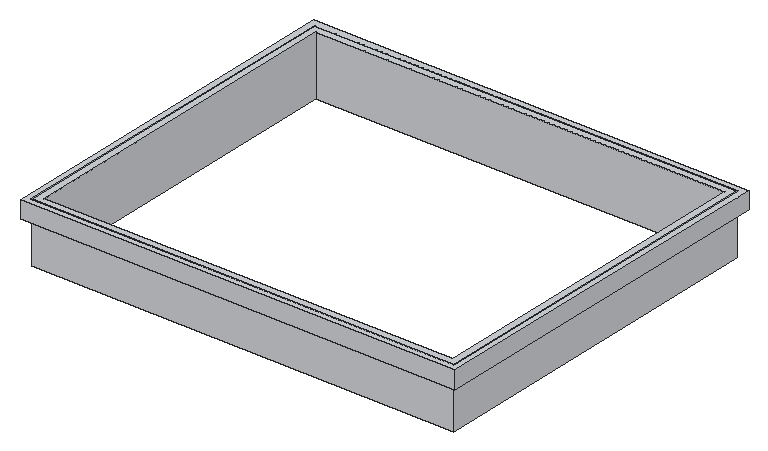
Revit family "Roof Curb", category Generic Models, Revit 2025
Family settings
  Can host rebar = No
  Round Connector Dimension = Use Diameter
  Part Type = Normal
  Work Plane-Based = No
  Always vertical = Yes
  Cut with Voids When Loaded = No
  Maintain Annotation Orientation = No
  Shared = No
  Room Calculation Point = No
Parameters
  Width = 8' - 2 1/2"
  Thickness = 0' - 1 1/2"
  Length = 6' - 10 5/8"
  Gap = 0' - 0 1/4"  # constant formula
  Depth = 1' - 2"
  Default Elevation = 0' - 0"
  Base Rail Width = Width + Gap  # 8' - 2 3/4"
  Base Rail Length = Length + Gap  # 6' - 10 7/8"
Reference planes (in)
  plane 1 "Center (Front/Back)": y = 0
  plane 2: z = 0
  plane 3 "Center (Left/Right)": x = 0
  plane 4: z = 14
  plane 5: z = 10
Forms (in)
  Extrusion 1, solid
    sketch origin (0, 0, 0) x (1, 0, 0) y (0, 1, 0)
      loop
        line (-49.25, 41.3125) -> (-49.25, -41.3125) -> (49.25, -41.3125) -> (49.25, 41.3125) -> (-49.25, 41.3125)
      loop
        line (47.75, -39.8125) -> (47.75, 39.8125) -> (-47.75, 39.8125) -> (-47.75, -39.8125) -> (47.75, -39.8125)
    from 0 to 14
  Extrusion 2, solid
    sketch origin (0, 0, 0) x (1, 0, 0) y (0, 1, 0)
      loop
        line (-49.375, 41.4375) -> (-49.375, -41.4375) -> (49.375, -41.4375) -> (49.375, 41.4375) -> (-49.375, 41.4375)
      loop
        line (-50.75, 42.8125) -> (-50.75, -42.8125) -> (50.75, -42.8125) -> (50.75, 42.8125) -> (-50.75, 42.8125)
    from 10 to 14
Dimensions and locks (in)
  equal spacing: Extrusion 1 sketch curve, plane 3 "Center (Left/Right)", Extrusion 1 sketch curve
  equal spacing: Extrusion 1 sketch curve, plane 1 "Center (Front/Back)", Extrusion 1 sketch curve
  "Length": Extrusion 1 sketch curve to Extrusion 1 sketch curve
  "Width": Extrusion 1 sketch curve to Extrusion 1 sketch curve
  "Depth": plane 4 to plane 2
  equal spacing: Extrusion 2 sketch curve, plane 3 "Center (Left/Right)", Extrusion 2 sketch curve
  equal spacing: Extrusion 2 sketch curve, plane 1 "Center (Front/Back)", Extrusion 2 sketch curve
  "Base Rail Length": Extrusion 2 sketch curve to Extrusion 2 sketch curve
  "Base Rail Width": Extrusion 2 sketch curve to Extrusion 2 sketch curve
  "Thickness": Extrusion 2 sketch curve to Extrusion 1  (x2)
  "Thickness": Extrusion 1 to Extrusion 2 sketch curve  (x2)
  "Thickness": Extrusion 1 sketch curve to Extrusion 1 sketch curve  (x4)
  plane 4 to plane 5 = 0' - 4"
  aligned and locked: plane 2 to level
  aligned and locked: plane 4 to Extrusion 1
  aligned and locked: plane 4 to Extrusion 2
  aligned and locked: Extrusion 2 to plane 5
